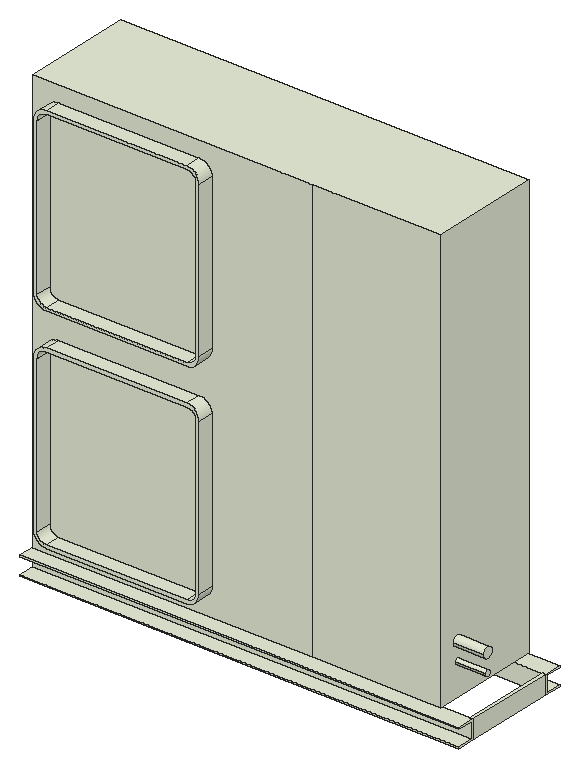
Revit family "Hydrablock 12-14-16", category Attrezzatura meccanica, Revit 2022 (continued)
Automatic sketch dimensions
  curve 10 to curve 44 = 0.000 mm  (x2)
  curve 10 to curve 45 = 0.000 mm  (x2)
  curve 10 to curve 46 = 0.000 mm  (x2)
  curve 10 to curve 47 = 0.000 mm  (x2)
  curve 10 to curve 48 = 0.000 mm  (x2)
  curve 10 to curve 49 = 0.000 mm  (x2)
  curve 10 to curve 50 = 0.000 mm  (x2)
  curve 10 to curve 51 = 0.000 mm  (x2)
  curve 10 to curve 52 = 0.000 mm  (x2)
  curve 10 to curve 53 = 0.000 mm  (x2)
  curve 10 to curve 54 = 0.000 mm  (x2)
  curve 10 to curve 55 = 0.000 mm  (x2)
  curve 10 to curve 56 = 0.000 mm  (x2)
  curve 10 to curve 57 = 0.000 mm  (x2)
  curve 10 to curve 58 = 0.000 mm  (x2)
  curve 10 to curve 59 = 0.000 mm  (x2)
  curve 10 to curve 60 = 0.000 mm  (x2)
  curve 10 to curve 61 = 0.000 mm  (x2)
  curve 10 to curve 62 = 0.000 mm  (x2)
  curve 10 to curve 63 = 0.000 mm  (x2)
  curve 10 to curve 64 = 0.000 mm  (x2)
  curve 10 to curve 65 = 0.000 mm  (x2)
  curve 10 to curve 66 = 0.000 mm  (x2)
  curve 10 to curve 67 = 0.000 mm  (x2)
  curve 10 to curve 68 = 0.000 mm  (x2)
  curve 11 to curve 12 = 0.000 mm  (x2)
  curve 11 to curve 13 = 0.000 mm  (x2)
  curve 11 to curve 14 = 0.000 mm  (x2)
  curve 11 to curve 15 = 0.000 mm  (x2)
  curve 11 to curve 16 = 0.000 mm  (x2)
  curve 11 to curve 17 = 0.000 mm  (x2)
  curve 11 to curve 18 = 0.000 mm  (x2)
  curve 11 to curve 19 = 0.000 mm  (x2)
  curve 11 to curve 20 = 0.000 mm  (x2)
  curve 11 to curve 22 = 0.000 mm  (x2)
  curve 11 to curve 23 = 0.000 mm  (x2)
  curve 11 to curve 24 = 0.000 mm  (x2)
  curve 11 to curve 25 = 0.000 mm  (x2)
  curve 11 to curve 26 = 0.000 mm  (x2)
  curve 11 to curve 27 = 0.000 mm  (x2)
  curve 11 to curve 28 = 0.000 mm  (x2)
  curve 11 to curve 33 = 0.000 mm  (x2)
  curve 11 to curve 34 = 0.000 mm  (x2)
  curve 11 to curve 35 = 0.000 mm  (x2)
  curve 11 to curve 36 = 0.000 mm  (x2)
  curve 11 to curve 38 = 0.000 mm  (x2)
  curve 11 to curve 39 = 0.000 mm  (x2)
  curve 11 to curve 40 = 0.000 mm  (x2)
  curve 11 to curve 41 = 0.000 mm  (x2)
  curve 11 to curve 42 = 0.000 mm  (x2)
  curve 11 to curve 43 = 0.000 mm  (x2)
  curve 11 to curve 44 = 0.000 mm  (x2)
  curve 11 to curve 45 = 0.000 mm  (x2)
  curve 11 to curve 46 = 0.000 mm  (x2)
  curve 11 to curve 47 = 0.000 mm  (x2)
  curve 11 to curve 48 = 0.000 mm  (x2)
  curve 11 to curve 49 = 0.000 mm  (x2)
  curve 11 to curve 50 = 0.000 mm  (x2)
  curve 11 to curve 51 = 0.000 mm  (x2)
  curve 11 to curve 52 = 0.000 mm  (x2)
  curve 11 to curve 53 = 0.000 mm  (x2)
  curve 11 to curve 54 = 0.000 mm  (x2)
  curve 11 to curve 55 = 0.000 mm  (x2)
  curve 11 to curve 56 = 0.000 mm  (x2)
  curve 11 to curve 57 = 0.000 mm  (x2)
  curve 11 to curve 58 = 0.000 mm  (x2)
  curve 11 to curve 59 = 0.000 mm  (x2)
  curve 11 to curve 60 = 0.000 mm  (x2)
  curve 11 to curve 61 = 0.000 mm  (x2)
  curve 11 to curve 62 = 0.000 mm  (x2)
  curve 11 to curve 63 = 0.000 mm  (x2)
  curve 11 to curve 64 = 0.000 mm  (x2)
  curve 11 to curve 65 = 0.000 mm  (x2)
  curve 11 to curve 66 = 0.000 mm  (x2)
  curve 11 to curve 67 = 0.000 mm  (x2)
  curve 11 to curve 68 = 0.000 mm  (x2)
  curve 12 to curve 13 = 0.000 mm  (x2)
  curve 12 to curve 14 = 0.000 mm  (x2)
  curve 12 to curve 15 = 0.000 mm  (x2)
  curve 12 to curve 16 = 0.000 mm  (x2)
  curve 12 to curve 17 = 0.000 mm  (x2)
  curve 12 to curve 18 = 0.000 mm  (x2)
  curve 12 to curve 19 = 0.000 mm  (x2)
  curve 12 to curve 20 = 0.000 mm  (x2)
  curve 12 to curve 22 = 0.000 mm  (x2)
  curve 12 to curve 23 = 0.000 mm  (x2)
  curve 12 to curve 24 = 0.000 mm  (x2)
  curve 12 to curve 25 = 0.000 mm  (x2)
  curve 12 to curve 26 = 0.000 mm  (x2)
  curve 12 to curve 27 = 0.000 mm  (x2)
  curve 12 to curve 28 = 0.000 mm  (x2)
  curve 12 to curve 33 = 0.000 mm  (x2)
  curve 12 to curve 34 = 0.000 mm  (x2)
  curve 12 to curve 35 = 0.000 mm  (x2)
  curve 12 to curve 36 = 0.000 mm  (x2)
  curve 12 to curve 38 = 0.000 mm  (x2)
  curve 12 to curve 39 = 0.000 mm  (x2)
  curve 12 to curve 40 = 0.000 mm  (x2)
  curve 12 to curve 41 = 0.000 mm  (x2)
  curve 12 to curve 42 = 0.000 mm  (x2)
  curve 12 to curve 43 = 0.000 mm  (x2)
  curve 12 to curve 44 = 0.000 mm  (x2)
  curve 12 to curve 45 = 0.000 mm  (x2)
  curve 12 to curve 46 = 0.000 mm  (x2)
  curve 12 to curve 47 = 0.000 mm  (x2)
  curve 12 to curve 48 = 0.000 mm  (x2)
  curve 12 to curve 49 = 0.000 mm  (x2)
  curve 12 to curve 50 = 0.000 mm  (x2)
  curve 12 to curve 51 = 0.000 mm  (x2)
  curve 12 to curve 52 = 0.000 mm  (x2)
  curve 12 to curve 53 = 0.000 mm  (x2)
  curve 12 to curve 54 = 0.000 mm  (x2)
  curve 12 to curve 55 = 0.000 mm  (x2)
  curve 12 to curve 56 = 0.000 mm  (x2)
  curve 12 to curve 57 = 0.000 mm  (x2)
  curve 12 to curve 58 = 0.000 mm  (x2)
  curve 12 to curve 59 = 0.000 mm  (x2)
  curve 12 to curve 60 = 0.000 mm  (x2)
  curve 12 to curve 61 = 0.000 mm  (x2)
  curve 12 to curve 62 = 0.000 mm  (x2)
  curve 12 to curve 63 = 0.000 mm  (x2)
  curve 12 to curve 64 = 0.000 mm  (x2)
  curve 12 to curve 65 = 0.000 mm  (x2)
  curve 12 to curve 66 = 0.000 mm  (x2)
  curve 12 to curve 67 = 0.000 mm  (x2)
  curve 12 to curve 68 = 0.000 mm  (x2)
  curve 13 to curve 14 = 0.000 mm  (x2)
  curve 13 to curve 15 = 0.000 mm  (x2)
  curve 13 to curve 16 = 0.000 mm  (x2)
  curve 13 to curve 17 = 0.000 mm  (x2)
  curve 13 to curve 18 = 0.000 mm  (x2)
  curve 13 to curve 19 = 0.000 mm  (x2)
  curve 13 to curve 20 = 0.000 mm  (x2)
  curve 13 to curve 22 = 0.000 mm  (x2)
  curve 13 to curve 23 = 0.000 mm  (x2)
  curve 13 to curve 24 = 0.000 mm  (x2)
  curve 13 to curve 25 = 0.000 mm  (x2)
  curve 13 to curve 26 = 0.000 mm  (x2)
  curve 13 to curve 27 = 0.000 mm  (x2)
  curve 13 to curve 28 = 0.000 mm  (x2)
  curve 13 to curve 33 = 0.000 mm  (x2)
  curve 13 to curve 34 = 0.000 mm  (x2)
  curve 13 to curve 35 = 0.000 mm  (x2)
  curve 13 to curve 36 = 0.000 mm  (x2)
  curve 13 to curve 38 = 0.000 mm  (x2)
  curve 13 to curve 39 = 0.000 mm  (x2)
  curve 13 to curve 40 = 0.000 mm  (x2)
  curve 13 to curve 41 = 0.000 mm  (x2)
  curve 13 to curve 42 = 0.000 mm  (x2)
  curve 13 to curve 43 = 0.000 mm  (x2)
  curve 13 to curve 44 = 0.000 mm  (x2)
  curve 13 to curve 45 = 0.000 mm  (x2)
  curve 13 to curve 46 = 0.000 mm  (x2)
  curve 13 to curve 47 = 0.000 mm  (x2)
  curve 13 to curve 48 = 0.000 mm  (x2)
  curve 13 to curve 49 = 0.000 mm  (x2)
  curve 13 to curve 50 = 0.000 mm  (x2)
  curve 13 to curve 51 = 0.000 mm  (x2)
  curve 13 to curve 52 = 0.000 mm  (x2)
  curve 13 to curve 53 = 0.000 mm  (x2)
  curve 13 to curve 54 = 0.000 mm  (x2)
  curve 13 to curve 55 = 0.000 mm  (x2)
  curve 13 to curve 56 = 0.000 mm  (x2)
  curve 13 to curve 57 = 0.000 mm  (x2)
  curve 13 to curve 58 = 0.000 mm  (x2)
  curve 13 to curve 59 = 0.000 mm  (x2)
  curve 13 to curve 60 = 0.000 mm  (x2)
  curve 13 to curve 61 = 0.000 mm  (x2)
  curve 13 to curve 62 = 0.000 mm  (x2)
  curve 13 to curve 63 = 0.000 mm  (x2)
  curve 13 to curve 64 = 0.000 mm  (x2)
  curve 13 to curve 65 = 0.000 mm  (x2)
  curve 13 to curve 66 = 0.000 mm  (x2)
  curve 13 to curve 67 = 0.000 mm  (x2)
  curve 13 to curve 68 = 0.000 mm  (x2)
  curve 14 to curve 15 = 0.000 mm  (x2)
  curve 14 to curve 16 = 0.000 mm  (x2)
  curve 14 to curve 17 = 0.000 mm  (x2)
  curve 14 to curve 18 = 0.000 mm  (x2)
  curve 14 to curve 19 = 0.000 mm  (x2)
  curve 14 to curve 20 = 0.000 mm  (x2)
  curve 14 to curve 22 = 0.000 mm  (x2)
  curve 14 to curve 23 = 0.000 mm  (x2)
  curve 14 to curve 24 = 0.000 mm  (x2)
  curve 14 to curve 25 = 0.000 mm  (x2)
  curve 14 to curve 26 = 0.000 mm  (x2)
  curve 14 to curve 27 = 0.000 mm  (x2)
  curve 14 to curve 28 = 0.000 mm  (x2)
  curve 14 to curve 33 = 0.000 mm  (x2)
  curve 14 to curve 34 = 0.000 mm  (x2)
  curve 14 to curve 35 = 0.000 mm  (x2)
  curve 14 to curve 36 = 0.000 mm  (x2)
  curve 14 to curve 38 = 0.000 mm  (x2)
  curve 14 to curve 39 = 0.000 mm  (x2)
  curve 14 to curve 40 = 0.000 mm  (x2)
  curve 14 to curve 41 = 0.000 mm  (x2)
  curve 14 to curve 42 = 0.000 mm  (x2)
  curve 14 to curve 43 = 0.000 mm  (x2)
  curve 14 to curve 44 = 0.000 mm  (x2)
  curve 14 to curve 45 = 0.000 mm  (x2)
  curve 14 to curve 46 = 0.000 mm  (x2)
  curve 14 to curve 47 = 0.000 mm  (x2)
  curve 14 to curve 48 = 0.000 mm  (x2)
  curve 14 to curve 49 = 0.000 mm  (x2)
  curve 14 to curve 50 = 0.000 mm  (x2)
  curve 14 to curve 51 = 0.000 mm  (x2)
  curve 14 to curve 52 = 0.000 mm  (x2)
  curve 14 to curve 53 = 0.000 mm  (x2)
  curve 14 to curve 54 = 0.000 mm  (x2)
  curve 14 to curve 55 = 0.000 mm  (x2)
  curve 14 to curve 56 = 0.000 mm  (x2)
  curve 14 to curve 57 = 0.000 mm  (x2)
  curve 14 to curve 58 = 0.000 mm  (x2)
  curve 14 to curve 59 = 0.000 mm  (x2)
  curve 14 to curve 60 = 0.000 mm  (x2)
  curve 14 to curve 61 = 0.000 mm  (x2)
  curve 14 to curve 62 = 0.000 mm  (x2)
  curve 14 to curve 63 = 0.000 mm  (x2)
  curve 14 to curve 64 = 0.000 mm  (x2)
  curve 14 to curve 65 = 0.000 mm  (x2)
  curve 14 to curve 66 = 0.000 mm  (x2)
  curve 14 to curve 67 = 0.000 mm  (x2)
  curve 14 to curve 68 = 0.000 mm  (x2)
  curve 15 to curve 16 = 0.000 mm  (x2)
  curve 15 to curve 17 = 0.000 mm  (x2)
  curve 15 to curve 18 = 0.000 mm  (x2)
  curve 15 to curve 19 = 0.000 mm  (x2)
  curve 15 to curve 20 = 0.000 mm  (x2)
  curve 15 to curve 22 = 0.000 mm  (x2)
  curve 15 to curve 23 = 0.000 mm  (x2)
  curve 15 to curve 24 = 0.000 mm  (x2)
  curve 15 to curve 25 = 0.000 mm  (x2)
  curve 15 to curve 26 = 0.000 mm  (x2)
  curve 15 to curve 27 = 0.000 mm  (x2)
  curve 15 to curve 28 = 0.000 mm  (x2)
  curve 15 to curve 33 = 0.000 mm  (x2)
  curve 15 to curve 34 = 0.000 mm  (x2)
  curve 15 to curve 35 = 0.000 mm  (x2)
  curve 15 to curve 36 = 0.000 mm  (x2)
  curve 15 to curve 38 = 0.000 mm  (x2)
  curve 15 to curve 39 = 0.000 mm  (x2)
  curve 15 to curve 40 = 0.000 mm  (x2)
  curve 15 to curve 41 = 0.000 mm  (x2)
  curve 15 to curve 42 = 0.000 mm  (x2)
  curve 15 to curve 43 = 0.000 mm  (x2)
  curve 15 to curve 44 = 0.000 mm  (x2)
  curve 15 to curve 45 = 0.000 mm  (x2)
  curve 15 to curve 46 = 0.000 mm  (x2)
  curve 15 to curve 47 = 0.000 mm  (x2)
  curve 15 to curve 48 = 0.000 mm  (x2)
  curve 15 to curve 49 = 0.000 mm  (x2)
  curve 15 to curve 50 = 0.000 mm  (x2)
  curve 15 to curve 51 = 0.000 mm  (x2)
  curve 15 to curve 52 = 0.000 mm  (x2)
  curve 15 to curve 53 = 0.000 mm  (x2)
  curve 15 to curve 54 = 0.000 mm  (x2)
  curve 15 to curve 55 = 0.000 mm  (x2)
  curve 15 to curve 56 = 0.000 mm  (x2)
  curve 15 to curve 57 = 0.000 mm  (x2)
  curve 15 to curve 58 = 0.000 mm  (x2)
  curve 15 to curve 59 = 0.000 mm  (x2)
  curve 15 to curve 60 = 0.000 mm  (x2)
  curve 15 to curve 61 = 0.000 mm  (x2)
  curve 15 to curve 62 = 0.000 mm  (x2)
  curve 15 to curve 63 = 0.000 mm  (x2)
  curve 15 to curve 64 = 0.000 mm  (x2)
  curve 15 to curve 65 = 0.000 mm  (x2)
  curve 15 to curve 66 = 0.000 mm  (x2)
  curve 15 to curve 67 = 0.000 mm  (x2)
  curve 15 to curve 68 = 0.000 mm  (x2)
  curve 16 to curve 17 = 0.000 mm  (x2)
  curve 16 to curve 18 = 0.000 mm  (x2)
  curve 16 to curve 19 = 0.000 mm  (x2)
  curve 16 to curve 20 = 0.000 mm  (x2)
  curve 16 to curve 22 = 0.000 mm  (x2)
  curve 16 to curve 23 = 0.000 mm  (x2)
  curve 16 to curve 24 = 0.000 mm  (x2)
  curve 16 to curve 25 = 0.000 mm  (x2)
  curve 16 to curve 26 = 0.000 mm  (x2)
  curve 16 to curve 27 = 0.000 mm  (x2)
  curve 16 to curve 28 = 0.000 mm  (x2)
  curve 16 to curve 33 = 0.000 mm  (x2)
  curve 16 to curve 34 = 0.000 mm  (x2)
  curve 16 to curve 35 = 0.000 mm  (x2)
  curve 16 to curve 36 = 0.000 mm  (x2)
  curve 16 to curve 38 = 0.000 mm  (x2)
  curve 16 to curve 39 = 0.000 mm  (x2)
  curve 16 to curve 40 = 0.000 mm  (x2)
  curve 16 to curve 41 = 0.000 mm  (x2)
  curve 16 to curve 42 = 0.000 mm  (x2)
  curve 16 to curve 43 = 0.000 mm  (x2)
  curve 16 to curve 44 = 0.000 mm  (x2)
  curve 16 to curve 45 = 0.000 mm  (x2)
  curve 16 to curve 46 = 0.000 mm  (x2)
  curve 16 to curve 47 = 0.000 mm  (x2)
  curve 16 to curve 48 = 0.000 mm  (x2)
  curve 16 to curve 49 = 0.000 mm  (x2)
  curve 16 to curve 50 = 0.000 mm  (x2)
  curve 16 to curve 51 = 0.000 mm  (x2)
  curve 16 to curve 52 = 0.000 mm  (x2)
  curve 16 to curve 53 = 0.000 mm  (x2)
  curve 16 to curve 54 = 0.000 mm  (x2)
  curve 16 to curve 55 = 0.000 mm  (x2)
  curve 16 to curve 56 = 0.000 mm  (x2)
  curve 16 to curve 57 = 0.000 mm  (x2)
  curve 16 to curve 58 = 0.000 mm  (x2)
  curve 16 to curve 59 = 0.000 mm  (x2)
  curve 16 to curve 60 = 0.000 mm  (x2)
  curve 16 to curve 61 = 0.000 mm  (x2)
  curve 16 to curve 62 = 0.000 mm  (x2)
  curve 16 to curve 63 = 0.000 mm  (x2)
  curve 16 to curve 64 = 0.000 mm  (x2)
  curve 16 to curve 65 = 0.000 mm  (x2)
  curve 16 to curve 66 = 0.000 mm  (x2)
  curve 16 to curve 67 = 0.000 mm  (x2)
  curve 16 to curve 68 = 0.000 mm  (x2)
  curve 17 to curve 18 = 0.000 mm  (x2)
  curve 17 to curve 19 = 0.000 mm  (x2)
  curve 17 to curve 20 = 0.000 mm  (x2)
  curve 17 to curve 22 = 0.000 mm  (x2)
  curve 17 to curve 23 = 0.000 mm  (x2)
  curve 17 to curve 24 = 0.000 mm  (x2)
  curve 17 to curve 25 = 0.000 mm  (x2)
  curve 17 to curve 26 = 0.000 mm  (x2)
  curve 17 to curve 27 = 0.000 mm  (x2)
  curve 17 to curve 28 = 0.000 mm  (x2)
  curve 17 to curve 33 = 0.000 mm  (x2)
  curve 17 to curve 34 = 0.000 mm  (x2)
  curve 17 to curve 35 = 0.000 mm  (x2)
  curve 17 to curve 36 = 0.000 mm  (x2)
  curve 17 to curve 38 = 0.000 mm  (x2)
  curve 17 to curve 39 = 0.000 mm  (x2)
  curve 17 to curve 40 = 0.000 mm  (x2)
  curve 17 to curve 41 = 0.000 mm  (x2)
  curve 17 to curve 42 = 0.000 mm  (x2)
  curve 17 to curve 43 = 0.000 mm  (x2)
  curve 17 to curve 44 = 0.000 mm  (x2)
  curve 17 to curve 45 = 0.000 mm  (x2)
  curve 17 to curve 46 = 0.000 mm  (x2)
  curve 17 to curve 47 = 0.000 mm  (x2)
  curve 17 to curve 48 = 0.000 mm  (x2)
  curve 17 to curve 49 = 0.000 mm  (x2)
  curve 17 to curve 50 = 0.000 mm  (x2)
  curve 17 to curve 51 = 0.000 mm  (x2)
  curve 17 to curve 52 = 0.000 mm  (x2)
  curve 17 to curve 53 = 0.000 mm  (x2)
  curve 17 to curve 54 = 0.000 mm  (x2)
  curve 17 to curve 55 = 0.000 mm  (x2)
  curve 17 to curve 56 = 0.000 mm  (x2)
  curve 17 to curve 57 = 0.000 mm  (x2)
  curve 17 to curve 58 = 0.000 mm  (x2)
  curve 17 to curve 59 = 0.000 mm  (x2)
  curve 17 to curve 60 = 0.000 mm  (x2)
  curve 17 to curve 61 = 0.000 mm  (x2)
  curve 17 to curve 62 = 0.000 mm  (x2)
  curve 17 to curve 63 = 0.000 mm  (x2)
  curve 17 to curve 64 = 0.000 mm  (x2)
  curve 17 to curve 65 = 0.000 mm  (x2)
  curve 17 to curve 66 = 0.000 mm  (x2)
  curve 17 to curve 67 = 0.000 mm  (x2)
  curve 17 to curve 68 = 0.000 mm  (x2)
  curve 18 to curve 19 = 0.000 mm  (x2)
  curve 18 to curve 20 = 0.000 mm  (x2)
  curve 18 to curve 22 = 0.000 mm  (x2)
  curve 18 to curve 23 = 0.000 mm  (x2)
  curve 18 to curve 24 = 0.000 mm  (x2)
  curve 18 to curve 25 = 0.000 mm  (x2)
  curve 18 to curve 26 = 0.000 mm  (x2)
  curve 18 to curve 27 = 0.000 mm  (x2)
  curve 18 to curve 28 = 0.000 mm  (x2)
  curve 18 to curve 33 = 0.000 mm  (x2)
  curve 18 to curve 34 = 0.000 mm  (x2)
  curve 18 to curve 35 = 0.000 mm  (x2)
  curve 18 to curve 36 = 0.000 mm  (x2)
  curve 18 to curve 38 = 0.000 mm  (x2)
  curve 18 to curve 39 = 0.000 mm  (x2)
  curve 18 to curve 40 = 0.000 mm  (x2)
  curve 18 to curve 41 = 0.000 mm  (x2)
  curve 18 to curve 42 = 0.000 mm  (x2)
  curve 18 to curve 43 = 0.000 mm  (x2)
  curve 18 to curve 44 = 0.000 mm  (x2)
  curve 18 to curve 45 = 0.000 mm  (x2)
  curve 18 to curve 46 = 0.000 mm  (x2)
  curve 18 to curve 47 = 0.000 mm  (x2)
  curve 18 to curve 48 = 0.000 mm  (x2)
  curve 18 to curve 49 = 0.000 mm  (x2)
  curve 18 to curve 50 = 0.000 mm  (x2)
  curve 18 to curve 51 = 0.000 mm  (x2)
  curve 18 to curve 52 = 0.000 mm  (x2)
  curve 18 to curve 53 = 0.000 mm  (x2)
  curve 18 to curve 54 = 0.000 mm  (x2)
  curve 18 to curve 55 = 0.000 mm  (x2)
  curve 18 to curve 56 = 0.000 mm  (x2)
  curve 18 to curve 57 = 0.000 mm  (x2)
  curve 18 to curve 58 = 0.000 mm  (x2)
  curve 18 to curve 59 = 0.000 mm  (x2)
  curve 18 to curve 60 = 0.000 mm  (x2)
  curve 18 to curve 61 = 0.000 mm  (x2)
  curve 18 to curve 62 = 0.000 mm  (x2)
  curve 18 to curve 63 = 0.000 mm  (x2)
  curve 18 to curve 64 = 0.000 mm  (x2)
  curve 18 to curve 65 = 0.000 mm  (x2)
  curve 18 to curve 66 = 0.000 mm  (x2)
  curve 18 to curve 67 = 0.000 mm  (x2)
  curve 18 to curve 68 = 0.000 mm  (x2)
  curve 19 to curve 20 = 0.000 mm  (x2)
  curve 19 to curve 22 = 0.000 mm  (x2)
  curve 19 to curve 23 = 0.000 mm  (x2)
  curve 19 to curve 24 = 0.000 mm  (x2)
  curve 19 to curve 25 = 0.000 mm  (x2)
  curve 19 to curve 26 = 0.000 mm  (x2)
  curve 19 to curve 27 = 0.000 mm  (x2)
  curve 19 to curve 28 = 0.000 mm  (x2)
  curve 19 to curve 33 = 0.000 mm  (x2)
  curve 19 to curve 34 = 0.000 mm  (x2)
  curve 19 to curve 35 = 0.000 mm  (x2)
  curve 19 to curve 36 = 0.000 mm  (x2)
  curve 19 to curve 38 = 0.000 mm  (x2)
  curve 19 to curve 39 = 0.000 mm  (x2)
  curve 19 to curve 40 = 0.000 mm  (x2)
  curve 19 to curve 41 = 0.000 mm  (x2)
  curve 19 to curve 42 = 0.000 mm  (x2)
  curve 19 to curve 43 = 0.000 mm  (x2)
  curve 19 to curve 44 = 0.000 mm  (x2)
  curve 19 to curve 45 = 0.000 mm  (x2)
  curve 19 to curve 46 = 0.000 mm  (x2)
  curve 19 to curve 47 = 0.000 mm  (x2)
  curve 19 to curve 48 = 0.000 mm  (x2)
  curve 19 to curve 49 = 0.000 mm  (x2)
  curve 19 to curve 50 = 0.000 mm  (x2)
  curve 19 to curve 51 = 0.000 mm  (x2)
  curve 19 to curve 52 = 0.000 mm  (x2)
  curve 19 to curve 53 = 0.000 mm  (x2)
  curve 19 to curve 54 = 0.000 mm  (x2)
  curve 19 to curve 55 = 0.000 mm  (x2)
  curve 19 to curve 56 = 0.000 mm  (x2)
  curve 19 to curve 57 = 0.000 mm  (x2)
  curve 19 to curve 58 = 0.000 mm  (x2)
  curve 19 to curve 59 = 0.000 mm  (x2)
  curve 19 to curve 60 = 0.000 mm  (x2)
  curve 19 to curve 61 = 0.000 mm  (x2)
  curve 19 to curve 62 = 0.000 mm  (x2)
  curve 19 to curve 63 = 0.000 mm  (x2)
  curve 19 to curve 64 = 0.000 mm  (x2)
  curve 19 to curve 65 = 0.000 mm  (x2)
  curve 19 to curve 66 = 0.000 mm  (x2)
  curve 19 to curve 67 = 0.000 mm  (x2)
  curve 19 to curve 68 = 0.000 mm  (x2)
  curve 20 to curve 22 = 0.000 mm  (x2)
  curve 20 to curve 23 = 0.000 mm  (x2)
  curve 20 to curve 24 = 0.000 mm  (x2)
  curve 20 to curve 25 = 0.000 mm  (x2)
  curve 20 to curve 26 = 0.000 mm  (x2)
  curve 20 to curve 27 = 0.000 mm  (x2)
  curve 20 to curve 28 = 0.000 mm  (x2)
  curve 20 to curve 33 = 0.000 mm  (x2)
  curve 20 to curve 34 = 0.000 mm  (x2)
  curve 20 to curve 35 = 0.000 mm  (x2)
  curve 20 to curve 36 = 0.000 mm  (x2)
  curve 20 to curve 38 = 0.000 mm  (x2)
  curve 20 to curve 39 = 0.000 mm  (x2)
  curve 20 to curve 40 = 0.000 mm  (x2)
  curve 20 to curve 41 = 0.000 mm  (x2)
  curve 20 to curve 42 = 0.000 mm  (x2)
  curve 20 to curve 43 = 0.000 mm  (x2)
  curve 20 to curve 44 = 0.000 mm  (x2)
  curve 20 to curve 45 = 0.000 mm  (x2)
  curve 20 to curve 46 = 0.000 mm  (x2)
  curve 20 to curve 47 = 0.000 mm  (x2)
  curve 20 to curve 48 = 0.000 mm  (x2)
  curve 20 to curve 49 = 0.000 mm  (x2)
  curve 20 to curve 50 = 0.000 mm  (x2)
  curve 20 to curve 51 = 0.000 mm  (x2)
  curve 20 to curve 52 = 0.000 mm  (x2)
  curve 20 to curve 53 = 0.000 mm  (x2)
  curve 20 to curve 54 = 0.000 mm  (x2)
  curve 20 to curve 55 = 0.000 mm  (x2)
  curve 20 to curve 56 = 0.000 mm  (x2)
  curve 20 to curve 57 = 0.000 mm  (x2)
  curve 20 to curve 58 = 0.000 mm  (x2)
  curve 20 to curve 59 = 0.000 mm  (x2)
  curve 20 to curve 60 = 0.000 mm  (x2)
  curve 20 to curve 61 = 0.000 mm  (x2)
  curve 20 to curve 62 = 0.000 mm  (x2)
  curve 20 to curve 63 = 0.000 mm  (x2)
  curve 20 to curve 64 = 0.000 mm  (x2)
  curve 20 to curve 65 = 0.000 mm  (x2)
  curve 20 to curve 66 = 0.000 mm  (x2)
  curve 20 to curve 67 = 0.000 mm  (x2)
  curve 20 to curve 68 = 0.000 mm  (x2)
  curve 21 to curve 37 = 0.000 mm  (x2)
  curve 22 to curve 23 = 0.000 mm  (x2)
  curve 22 to curve 24 = 0.000 mm  (x2)
  curve 22 to curve 25 = 0.000 mm  (x2)
  curve 22 to curve 26 = 0.000 mm  (x2)
  curve 22 to curve 27 = 0.000 mm  (x2)
  curve 22 to curve 28 = 0.000 mm  (x2)
  curve 22 to curve 33 = 0.000 mm  (x2)
  curve 22 to curve 34 = 0.000 mm  (x2)
  curve 22 to curve 35 = 0.000 mm  (x2)
  curve 22 to curve 36 = 0.000 mm  (x2)
  curve 22 to curve 38 = 0.000 mm  (x2)
  curve 22 to curve 39 = 0.000 mm  (x2)
  curve 22 to curve 40 = 0.000 mm  (x2)
  curve 22 to curve 41 = 0.000 mm  (x2)
  curve 22 to curve 42 = 0.000 mm  (x2)
  curve 22 to curve 43 = 0.000 mm  (x2)
  curve 22 to curve 44 = 0.000 mm  (x2)
  curve 22 to curve 45 = 0.000 mm  (x2)
  curve 22 to curve 46 = 0.000 mm  (x2)
  curve 22 to curve 47 = 0.000 mm  (x2)
  curve 22 to curve 48 = 0.000 mm  (x2)
  curve 22 to curve 49 = 0.000 mm  (x2)
  curve 22 to curve 50 = 0.000 mm  (x2)
  curve 22 to curve 51 = 0.000 mm  (x2)
  curve 22 to curve 52 = 0.000 mm  (x2)
  curve 22 to curve 53 = 0.000 mm  (x2)
  curve 22 to curve 54 = 0.000 mm  (x2)
  curve 22 to curve 55 = 0.000 mm  (x2)
  curve 22 to curve 56 = 0.000 mm  (x2)
  curve 22 to curve 57 = 0.000 mm  (x2)
  curve 22 to curve 58 = 0.000 mm  (x2)
  curve 22 to curve 59 = 0.000 mm  (x2)
  curve 22 to curve 60 = 0.000 mm  (x2)
  curve 22 to curve 61 = 0.000 mm  (x2)
  curve 22 to curve 62 = 0.000 mm  (x2)
  curve 22 to curve 63 = 0.000 mm  (x2)
  curve 22 to curve 64 = 0.000 mm  (x2)
  curve 22 to curve 65 = 0.000 mm  (x2)
  curve 22 to curve 66 = 0.000 mm  (x2)
  curve 22 to curve 67 = 0.000 mm  (x2)
  curve 22 to curve 68 = 0.000 mm  (x2)
  curve 23 to curve 24 = 0.000 mm  (x2)
  curve 23 to curve 25 = 0.000 mm  (x2)
  curve 23 to curve 26 = 0.000 mm  (x2)
  curve 23 to curve 27 = 0.000 mm  (x2)
  curve 23 to curve 28 = 0.000 mm  (x2)
  curve 23 to curve 33 = 0.000 mm  (x2)
  curve 23 to curve 34 = 0.000 mm  (x2)
  curve 23 to curve 35 = 0.000 mm  (x2)
  curve 23 to curve 36 = 0.000 mm  (x2)
  curve 23 to curve 38 = 0.000 mm  (x2)
  curve 23 to curve 39 = 0.000 mm  (x2)
  curve 23 to curve 40 = 0.000 mm  (x2)
  curve 23 to curve 41 = 0.000 mm  (x2)
  curve 23 to curve 42 = 0.000 mm  (x2)
  curve 23 to curve 43 = 0.000 mm  (x2)
  curve 23 to curve 44 = 0.000 mm  (x2)
  curve 23 to curve 45 = 0.000 mm  (x2)
  curve 23 to curve 46 = 0.000 mm  (x2)
  curve 23 to curve 47 = 0.000 mm  (x2)
  curve 23 to curve 48 = 0.000 mm  (x2)
  curve 23 to curve 49 = 0.000 mm  (x2)
  curve 23 to curve 50 = 0.000 mm  (x2)
  curve 23 to curve 51 = 0.000 mm  (x2)
  curve 23 to curve 52 = 0.000 mm  (x2)
  curve 23 to curve 53 = 0.000 mm  (x2)
  curve 23 to curve 54 = 0.000 mm  (x2)
  curve 23 to curve 55 = 0.000 mm  (x2)
  curve 23 to curve 56 = 0.000 mm  (x2)
  curve 23 to curve 57 = 0.000 mm  (x2)
  curve 23 to curve 58 = 0.000 mm  (x2)
  curve 23 to curve 59 = 0.000 mm  (x2)
  curve 23 to curve 60 = 0.000 mm  (x2)
  curve 23 to curve 61 = 0.000 mm  (x2)
  curve 23 to curve 62 = 0.000 mm  (x2)
  curve 23 to curve 63 = 0.000 mm  (x2)
  curve 23 to curve 64 = 0.000 mm  (x2)
  curve 23 to curve 65 = 0.000 mm  (x2)
  curve 23 to curve 66 = 0.000 mm  (x2)
  curve 23 to curve 67 = 0.000 mm  (x2)
  curve 23 to curve 68 = 0.000 mm  (x2)
  curve 24 to curve 25 = 0.000 mm  (x2)
  curve 24 to curve 26 = 0.000 mm  (x2)
  curve 24 to curve 27 = 0.000 mm  (x2)
  curve 24 to curve 28 = 0.000 mm  (x2)
  curve 24 to curve 33 = 0.000 mm  (x2)
  curve 24 to curve 34 = 0.000 mm  (x2)
  curve 24 to curve 35 = 0.000 mm  (x2)
  curve 24 to curve 36 = 0.000 mm  (x2)
  curve 24 to curve 38 = 0.000 mm  (x2)
  curve 24 to curve 39 = 0.000 mm  (x2)
  curve 24 to curve 40 = 0.000 mm  (x2)
  curve 24 to curve 41 = 0.000 mm  (x2)
  curve 24 to curve 42 = 0.000 mm  (x2)
  curve 24 to curve 43 = 0.000 mm  (x2)
  curve 24 to curve 44 = 0.000 mm  (x2)
  curve 24 to curve 45 = 0.000 mm  (x2)
  curve 24 to curve 46 = 0.000 mm  (x2)
  curve 24 to curve 47 = 0.000 mm  (x2)
  curve 24 to curve 48 = 0.000 mm  (x2)
  curve 24 to curve 49 = 0.000 mm  (x2)
  curve 24 to curve 50 = 0.000 mm  (x2)
  curve 24 to curve 51 = 0.000 mm  (x2)
  curve 24 to curve 52 = 0.000 mm  (x2)
  curve 24 to curve 53 = 0.000 mm  (x2)
  curve 24 to curve 54 = 0.000 mm  (x2)
  curve 24 to curve 55 = 0.000 mm  (x2)
  curve 24 to curve 56 = 0.000 mm  (x2)
  curve 24 to curve 57 = 0.000 mm  (x2)
  curve 24 to curve 58 = 0.000 mm  (x2)
  curve 24 to curve 59 = 0.000 mm  (x2)
  curve 24 to curve 60 = 0.000 mm  (x2)
  curve 24 to curve 61 = 0.000 mm  (x2)
  curve 24 to curve 62 = 0.000 mm  (x2)
  curve 24 to curve 63 = 0.000 mm  (x2)
  curve 24 to curve 64 = 0.000 mm  (x2)
  curve 24 to curve 65 = 0.000 mm  (x2)
  curve 24 to curve 66 = 0.000 mm  (x2)
  curve 24 to curve 67 = 0.000 mm  (x2)
  curve 24 to curve 68 = 0.000 mm  (x2)
  curve 25 to curve 26 = 0.000 mm  (x2)
  curve 25 to curve 27 = 0.000 mm  (x2)
  curve 25 to curve 28 = 0.000 mm  (x2)
  curve 25 to curve 33 = 0.000 mm  (x2)
  curve 25 to curve 34 = 0.000 mm  (x2)
  curve 25 to curve 35 = 0.000 mm  (x2)
  curve 25 to curve 36 = 0.000 mm  (x2)
  curve 25 to curve 38 = 0.000 mm  (x2)
  curve 25 to curve 39 = 0.000 mm  (x2)
  curve 25 to curve 40 = 0.000 mm  (x2)
  curve 25 to curve 41 = 0.000 mm  (x2)
  curve 25 to curve 42 = 0.000 mm  (x2)
  curve 25 to curve 43 = 0.000 mm  (x2)
  curve 25 to curve 44 = 0.000 mm  (x2)
  curve 25 to curve 45 = 0.000 mm  (x2)
  curve 25 to curve 46 = 0.000 mm  (x2)
  curve 25 to curve 47 = 0.000 mm  (x2)
  curve 25 to curve 48 = 0.000 mm  (x2)
  curve 25 to curve 49 = 0.000 mm  (x2)
  curve 25 to curve 50 = 0.000 mm  (x2)
  curve 25 to curve 51 = 0.000 mm  (x2)
  curve 25 to curve 52 = 0.000 mm  (x2)
  curve 25 to curve 53 = 0.000 mm  (x2)
  curve 25 to curve 54 = 0.000 mm  (x2)
  curve 25 to curve 55 = 0.000 mm  (x2)
  curve 25 to curve 56 = 0.000 mm  (x2)
  curve 25 to curve 57 = 0.000 mm  (x2)
  curve 25 to curve 58 = 0.000 mm  (x2)
  curve 25 to curve 59 = 0.000 mm  (x2)
  curve 25 to curve 60 = 0.000 mm  (x2)
  curve 25 to curve 61 = 0.000 mm  (x2)
  curve 25 to curve 62 = 0.000 mm  (x2)
  curve 25 to curve 63 = 0.000 mm  (x2)
  curve 25 to curve 64 = 0.000 mm  (x2)
  curve 25 to curve 65 = 0.000 mm  (x2)
  curve 25 to curve 66 = 0.000 mm  (x2)
  curve 25 to curve 67 = 0.000 mm  (x2)
  curve 25 to curve 68 = 0.000 mm  (x2)
  curve 26 to curve 27 = 0.000 mm  (x2)
  curve 26 to curve 28 = 0.000 mm  (x2)
  curve 26 to curve 33 = 0.000 mm  (x2)
  curve 26 to curve 34 = 0.000 mm  (x2)
  curve 26 to curve 35 = 0.000 mm  (x2)
  curve 26 to curve 36 = 0.000 mm  (x2)
  curve 26 to curve 38 = 0.000 mm  (x2)
  curve 26 to curve 39 = 0.000 mm  (x2)
  curve 26 to curve 40 = 0.000 mm  (x2)
  curve 26 to curve 41 = 0.000 mm  (x2)
  curve 26 to curve 42 = 0.000 mm  (x2)
  curve 26 to curve 43 = 0.000 mm  (x2)
  curve 26 to curve 44 = 0.000 mm  (x2)
  curve 26 to curve 45 = 0.000 mm  (x2)
  curve 26 to curve 46 = 0.000 mm  (x2)
  curve 26 to curve 47 = 0.000 mm  (x2)
  curve 26 to curve 48 = 0.000 mm  (x2)
  curve 26 to curve 49 = 0.000 mm  (x2)
  curve 26 to curve 50 = 0.000 mm  (x2)
  curve 26 to curve 51 = 0.000 mm  (x2)
  curve 26 to curve 52 = 0.000 mm  (x2)
  curve 26 to curve 53 = 0.000 mm  (x2)
  curve 26 to curve 54 = 0.000 mm  (x2)
  curve 26 to curve 55 = 0.000 mm  (x2)
  curve 26 to curve 56 = 0.000 mm  (x2)
  curve 26 to curve 57 = 0.000 mm  (x2)
  curve 26 to curve 58 = 0.000 mm  (x2)
  curve 26 to curve 59 = 0.000 mm  (x2)
  curve 26 to curve 60 = 0.000 mm  (x2)
  curve 26 to curve 61 = 0.000 mm  (x2)
  curve 26 to curve 62 = 0.000 mm  (x2)
  curve 26 to curve 63 = 0.000 mm  (x2)
  curve 26 to curve 64 = 0.000 mm  (x2)
  curve 26 to curve 65 = 0.000 mm  (x2)
  curve 26 to curve 66 = 0.000 mm  (x2)
  curve 26 to curve 67 = 0.000 mm  (x2)
  curve 26 to curve 68 = 0.000 mm  (x2)
  curve 27 to curve 28 = 0.000 mm  (x2)
  curve 27 to curve 33 = 0.000 mm  (x2)
  curve 27 to curve 34 = 0.000 mm  (x2)
  curve 27 to curve 35 = 0.000 mm  (x2)
  curve 27 to curve 36 = 0.000 mm  (x2)
  curve 27 to curve 38 = 0.000 mm  (x2)
  curve 27 to curve 39 = 0.000 mm  (x2)
  curve 27 to curve 40 = 0.000 mm  (x2)
  curve 27 to curve 41 = 0.000 mm  (x2)
  curve 27 to curve 42 = 0.000 mm  (x2)
  curve 27 to curve 43 = 0.000 mm  (x2)
  curve 27 to curve 44 = 0.000 mm  (x2)
  curve 27 to curve 45 = 0.000 mm  (x2)
  curve 27 to curve 46 = 0.000 mm  (x2)
  curve 27 to curve 47 = 0.000 mm  (x2)
  curve 27 to curve 48 = 0.000 mm  (x2)
  curve 27 to curve 49 = 0.000 mm  (x2)
  curve 27 to curve 50 = 0.000 mm  (x2)
  curve 27 to curve 51 = 0.000 mm  (x2)
  curve 27 to curve 52 = 0.000 mm  (x2)
  curve 27 to curve 53 = 0.000 mm  (x2)
  curve 27 to curve 54 = 0.000 mm  (x2)
  curve 27 to curve 55 = 0.000 mm  (x2)
  curve 27 to curve 56 = 0.000 mm  (x2)
  curve 27 to curve 57 = 0.000 mm  (x2)
  curve 27 to curve 58 = 0.000 mm  (x2)
  curve 27 to curve 59 = 0.000 mm  (x2)
  curve 27 to curve 60 = 0.000 mm  (x2)
  curve 27 to curve 61 = 0.000 mm  (x2)
  curve 27 to curve 62 = 0.000 mm  (x2)
  curve 27 to curve 63 = 0.000 mm  (x2)
  curve 27 to curve 64 = 0.000 mm  (x2)
  curve 27 to curve 65 = 0.000 mm  (x2)
  curve 27 to curve 66 = 0.000 mm  (x2)
  curve 27 to curve 67 = 0.000 mm  (x2)
  curve 27 to curve 68 = 0.000 mm  (x2)
  curve 28 to curve 33 = 0.000 mm  (x2)
  curve 28 to curve 34 = 0.000 mm  (x2)
  curve 28 to curve 35 = 0.000 mm  (x2)
  curve 28 to curve 36 = 0.000 mm  (x2)
  curve 28 to curve 38 = 0.000 mm  (x2)
  curve 28 to curve 39 = 0.000 mm  (x2)
  curve 28 to curve 40 = 0.000 mm  (x2)
  curve 28 to curve 41 = 0.000 mm  (x2)
  curve 28 to curve 42 = 0.000 mm  (x2)
  curve 28 to curve 43 = 0.000 mm  (x2)
  curve 28 to curve 44 = 0.000 mm  (x2)
  curve 28 to curve 45 = 0.000 mm  (x2)
  curve 28 to curve 46 = 0.000 mm  (x2)
  curve 28 to curve 47 = 0.000 mm  (x2)
  curve 28 to curve 48 = 0.000 mm  (x2)
  curve 28 to curve 49 = 0.000 mm  (x2)
  curve 28 to curve 50 = 0.000 mm  (x2)
  curve 28 to curve 51 = 0.000 mm  (x2)
  curve 28 to curve 52 = 0.000 mm  (x2)
  curve 28 to curve 53 = 0.000 mm  (x2)
  curve 28 to curve 54 = 0.000 mm  (x2)
  curve 28 to curve 55 = 0.000 mm  (x2)
  curve 28 to curve 56 = 0.000 mm  (x2)
  curve 28 to curve 57 = 0.000 mm  (x2)
  curve 28 to curve 58 = 0.000 mm  (x2)
  curve 28 to curve 59 = 0.000 mm  (x2)
  curve 28 to curve 60 = 0.000 mm  (x2)
  curve 28 to curve 61 = 0.000 mm  (x2)
  curve 28 to curve 62 = 0.000 mm  (x2)
  curve 28 to curve 63 = 0.000 mm  (x2)
  curve 28 to curve 64 = 0.000 mm  (x2)
  curve 28 to curve 65 = 0.000 mm  (x2)
  curve 28 to curve 66 = 0.000 mm  (x2)
  curve 28 to curve 67 = 0.000 mm  (x2)
  curve 28 to curve 68 = 0.000 mm  (x2)
  curve 33 to curve 34 = 0.000 mm  (x2)
  curve 33 to curve 35 = 0.000 mm  (x2)
  curve 33 to curve 36 = 0.000 mm  (x2)
  curve 33 to curve 38 = 0.000 mm  (x2)
  curve 33 to curve 39 = 0.000 mm  (x2)
  curve 33 to curve 40 = 0.000 mm  (x2)
  curve 33 to curve 41 = 0.000 mm  (x2)
  curve 33 to curve 42 = 0.000 mm  (x2)
  curve 33 to curve 43 = 0.000 mm  (x2)
  curve 33 to curve 44 = 0.000 mm  (x2)
  curve 33 to curve 45 = 0.000 mm  (x2)
  curve 33 to curve 46 = 0.000 mm  (x2)
  curve 33 to curve 47 = 0.000 mm  (x2)
  curve 33 to curve 48 = 0.000 mm  (x2)
  curve 33 to curve 49 = 0.000 mm  (x2)
  curve 33 to curve 50 = 0.000 mm  (x2)
  curve 33 to curve 51 = 0.000 mm  (x2)
  curve 33 to curve 52 = 0.000 mm  (x2)
  curve 33 to curve 53 = 0.000 mm  (x2)
  curve 33 to curve 54 = 0.000 mm  (x2)
  curve 33 to curve 55 = 0.000 mm  (x2)
  curve 33 to curve 56 = 0.000 mm  (x2)
  curve 33 to curve 57 = 0.000 mm  (x2)
  curve 33 to curve 58 = 0.000 mm  (x2)
  curve 33 to curve 59 = 0.000 mm  (x2)
  curve 33 to curve 60 = 0.000 mm  (x2)
  curve 33 to curve 61 = 0.000 mm  (x2)
  curve 33 to curve 62 = 0.000 mm  (x2)
  curve 33 to curve 63 = 0.000 mm  (x2)
  curve 33 to curve 64 = 0.000 mm  (x2)
  curve 33 to curve 65 = 0.000 mm  (x2)
  curve 33 to curve 66 = 0.000 mm  (x2)
  curve 33 to curve 67 = 0.000 mm  (x2)
  curve 33 to curve 68 = 0.000 mm  (x2)
  curve 34 to curve 35 = 0.000 mm  (x2)
  curve 34 to curve 36 = 0.000 mm  (x2)
  curve 34 to curve 38 = 0.000 mm  (x2)
  curve 34 to curve 39 = 0.000 mm  (x2)
  curve 34 to curve 40 = 0.000 mm  (x2)
  curve 34 to curve 41 = 0.000 mm  (x2)
  curve 34 to curve 42 = 0.000 mm  (x2)
  curve 34 to curve 43 = 0.000 mm  (x2)
  curve 34 to curve 44 = 0.000 mm  (x2)
  curve 34 to curve 45 = 0.000 mm  (x2)
  curve 34 to curve 46 = 0.000 mm  (x2)
  curve 34 to curve 47 = 0.000 mm  (x2)
  curve 34 to curve 48 = 0.000 mm  (x2)
  curve 34 to curve 49 = 0.000 mm  (x2)
  curve 34 to curve 50 = 0.000 mm  (x2)
  curve 34 to curve 51 = 0.000 mm  (x2)
  curve 34 to curve 52 = 0.000 mm  (x2)
  curve 34 to curve 53 = 0.000 mm  (x2)
  curve 34 to curve 54 = 0.000 mm  (x2)
  curve 34 to curve 55 = 0.000 mm  (x2)
  curve 34 to curve 56 = 0.000 mm  (x2)
  curve 34 to curve 57 = 0.000 mm  (x2)
  curve 34 to curve 58 = 0.000 mm  (x2)
  curve 34 to curve 59 = 0.000 mm  (x2)
  curve 34 to curve 60 = 0.000 mm  (x2)
  curve 34 to curve 61 = 0.000 mm  (x2)
  curve 34 to curve 62 = 0.000 mm  (x2)
  curve 34 to curve 63 = 0.000 mm  (x2)
  curve 34 to curve 64 = 0.000 mm  (x2)
  curve 34 to curve 65 = 0.000 mm  (x2)
  curve 34 to curve 66 = 0.000 mm  (x2)
  curve 34 to curve 67 = 0.000 mm  (x2)
  curve 34 to curve 68 = 0.000 mm  (x2)
  curve 35 to curve 36 = 0.000 mm  (x2)
  curve 35 to curve 38 = 0.000 mm  (x2)
  curve 35 to curve 39 = 0.000 mm  (x2)
  curve 35 to curve 40 = 0.000 mm  (x2)
  curve 35 to curve 41 = 0.000 mm  (x2)
  curve 35 to curve 42 = 0.000 mm  (x2)
  curve 35 to curve 43 = 0.000 mm  (x2)
  curve 35 to curve 44 = 0.000 mm  (x2)
  curve 35 to curve 45 = 0.000 mm  (x2)
  curve 35 to curve 46 = 0.000 mm  (x2)
  curve 35 to curve 47 = 0.000 mm  (x2)
  curve 35 to curve 48 = 0.000 mm  (x2)
  curve 35 to curve 49 = 0.000 mm  (x2)
  curve 35 to curve 50 = 0.000 mm  (x2)
  curve 35 to curve 51 = 0.000 mm  (x2)
  curve 35 to curve 52 = 0.000 mm  (x2)
  curve 35 to curve 53 = 0.000 mm  (x2)
  curve 35 to curve 54 = 0.000 mm  (x2)
  curve 35 to curve 55 = 0.000 mm  (x2)
  curve 35 to curve 56 = 0.000 mm  (x2)
  curve 35 to curve 57 = 0.000 mm  (x2)
  curve 35 to curve 58 = 0.000 mm  (x2)
  curve 35 to curve 59 = 0.000 mm  (x2)
  curve 35 to curve 60 = 0.000 mm  (x2)
  curve 35 to curve 61 = 0.000 mm  (x2)
  curve 35 to curve 62 = 0.000 mm  (x2)
  curve 35 to curve 63 = 0.000 mm  (x2)
  curve 35 to curve 64 = 0.000 mm  (x2)
  curve 35 to curve 65 = 0.000 mm  (x2)
  curve 35 to curve 66 = 0.000 mm  (x2)
  curve 35 to curve 67 = 0.000 mm  (x2)
  curve 35 to curve 68 = 0.000 mm  (x2)
  curve 36 to curve 38 = 0.000 mm  (x2)
  curve 36 to curve 39 = 0.000 mm  (x2)
  curve 36 to curve 40 = 0.000 mm  (x2)
  curve 36 to curve 41 = 0.000 mm  (x2)
  curve 36 to curve 42 = 0.000 mm  (x2)
  curve 36 to curve 43 = 0.000 mm  (x2)
  curve 36 to curve 44 = 0.000 mm  (x2)
  curve 36 to curve 45 = 0.000 mm  (x2)
  curve 36 to curve 46 = 0.000 mm  (x2)
  curve 36 to curve 47 = 0.000 mm  (x2)
  curve 36 to curve 48 = 0.000 mm  (x2)
  curve 36 to curve 49 = 0.000 mm  (x2)
  curve 36 to curve 50 = 0.000 mm  (x2)
  curve 36 to curve 51 = 0.000 mm  (x2)
  curve 36 to curve 52 = 0.000 mm  (x2)
  curve 36 to curve 53 = 0.000 mm  (x2)
  curve 36 to curve 54 = 0.000 mm  (x2)
  curve 36 to curve 55 = 0.000 mm  (x2)
  curve 36 to curve 56 = 0.000 mm  (x2)
  curve 36 to curve 57 = 0.000 mm  (x2)
  curve 36 to curve 58 = 0.000 mm  (x2)
  curve 36 to curve 59 = 0.000 mm  (x2)
  curve 36 to curve 60 = 0.000 mm  (x2)
  curve 36 to curve 61 = 0.000 mm  (x2)
  curve 36 to curve 62 = 0.000 mm  (x2)
  curve 36 to curve 63 = 0.000 mm  (x2)
  curve 36 to curve 64 = 0.000 mm  (x2)
  curve 36 to curve 65 = 0.000 mm  (x2)
  curve 36 to curve 66 = 0.000 mm  (x2)
  curve 36 to curve 67 = 0.000 mm  (x2)
  curve 36 to curve 68 = 0.000 mm  (x2)
  curve 38 to curve 39 = 0.000 mm  (x2)
  curve 38 to curve 40 = 0.000 mm  (x2)
  curve 38 to curve 41 = 0.000 mm  (x2)
  curve 38 to curve 42 = 0.000 mm  (x2)
  curve 38 to curve 43 = 0.000 mm  (x2)
  curve 38 to curve 44 = 0.000 mm  (x2)
  curve 38 to curve 45 = 0.000 mm  (x2)
  curve 38 to curve 46 = 0.000 mm  (x2)
  curve 38 to curve 47 = 0.000 mm  (x2)
  curve 38 to curve 48 = 0.000 mm  (x2)
  curve 38 to curve 49 = 0.000 mm  (x2)
  curve 38 to curve 50 = 0.000 mm  (x2)
  curve 38 to curve 51 = 0.000 mm  (x2)
  curve 38 to curve 52 = 0.000 mm  (x2)
  curve 38 to curve 53 = 0.000 mm  (x2)
  curve 38 to curve 54 = 0.000 mm  (x2)
  curve 38 to curve 55 = 0.000 mm  (x2)
  curve 38 to curve 56 = 0.000 mm  (x2)
  curve 38 to curve 57 = 0.000 mm  (x2)
  curve 38 to curve 58 = 0.000 mm  (x2)
  curve 38 to curve 59 = 0.000 mm  (x2)
  curve 38 to curve 60 = 0.000 mm  (x2)
  curve 38 to curve 61 = 0.000 mm  (x2)
  curve 38 to curve 62 = 0.000 mm  (x2)
  curve 38 to curve 63 = 0.000 mm  (x2)
  curve 38 to curve 64 = 0.000 mm  (x2)
  curve 38 to curve 65 = 0.000 mm  (x2)
  curve 38 to curve 66 = 0.000 mm  (x2)
  curve 38 to curve 67 = 0.000 mm  (x2)
  curve 38 to curve 68 = 0.000 mm  (x2)
  curve 39 to curve 40 = 0.000 mm  (x2)
  curve 39 to curve 41 = 0.000 mm  (x2)
  curve 39 to curve 42 = 0.000 mm  (x2)
  curve 39 to curve 43 = 0.000 mm  (x2)
  curve 39 to curve 44 = 0.000 mm  (x2)
  curve 39 to curve 45 = 0.000 mm  (x2)
  curve 39 to curve 46 = 0.000 mm  (x2)
  curve 39 to curve 47 = 0.000 mm  (x2)
  curve 39 to curve 48 = 0.000 mm  (x2)
  curve 39 to curve 49 = 0.000 mm  (x2)
  curve 39 to curve 50 = 0.000 mm  (x2)
  curve 39 to curve 51 = 0.000 mm  (x2)
  curve 39 to curve 52 = 0.000 mm  (x2)
  curve 39 to curve 53 = 0.000 mm  (x2)
  curve 39 to curve 54 = 0.000 mm  (x2)
  curve 39 to curve 55 = 0.000 mm  (x2)
  curve 39 to curve 56 = 0.000 mm  (x2)
  curve 39 to curve 57 = 0.000 mm  (x2)
  curve 39 to curve 58 = 0.000 mm  (x2)
  curve 39 to curve 59 = 0.000 mm  (x2)
  curve 39 to curve 60 = 0.000 mm  (x2)
  curve 39 to curve 61 = 0.000 mm  (x2)
  curve 39 to curve 62 = 0.000 mm  (x2)
  curve 39 to curve 63 = 0.000 mm  (x2)
  curve 39 to curve 64 = 0.000 mm  (x2)
  curve 39 to curve 65 = 0.000 mm  (x2)
  curve 39 to curve 66 = 0.000 mm  (x2)
  curve 39 to curve 67 = 0.000 mm  (x2)
  curve 39 to curve 68 = 0.000 mm  (x2)
  curve 40 to curve 41 = 0.000 mm  (x2)
  curve 40 to curve 42 = 0.000 mm  (x2)
  curve 40 to curve 43 = 0.000 mm  (x2)
  curve 40 to curve 44 = 0.000 mm  (x2)
  curve 40 to curve 45 = 0.000 mm  (x2)
  curve 40 to curve 46 = 0.000 mm  (x2)
  curve 40 to curve 47 = 0.000 mm  (x2)
  curve 40 to curve 48 = 0.000 mm  (x2)
  curve 40 to curve 49 = 0.000 mm  (x2)
  curve 40 to curve 50 = 0.000 mm  (x2)
  curve 40 to curve 51 = 0.000 mm  (x2)
  curve 40 to curve 52 = 0.000 mm  (x2)
  curve 40 to curve 53 = 0.000 mm  (x2)
  curve 40 to curve 54 = 0.000 mm  (x2)
  curve 40 to curve 55 = 0.000 mm  (x2)
  curve 40 to curve 56 = 0.000 mm  (x2)
  curve 40 to curve 57 = 0.000 mm  (x2)
  curve 40 to curve 58 = 0.000 mm  (x2)
  curve 40 to curve 59 = 0.000 mm  (x2)
  curve 40 to curve 60 = 0.000 mm  (x2)
  curve 40 to curve 61 = 0.000 mm  (x2)
  curve 40 to curve 62 = 0.000 mm  (x2)
  curve 40 to curve 63 = 0.000 mm  (x2)
  curve 40 to curve 64 = 0.000 mm  (x2)
  curve 40 to curve 65 = 0.000 mm  (x2)
  curve 40 to curve 66 = 0.000 mm  (x2)
  curve 40 to curve 67 = 0.000 mm  (x2)
  curve 40 to curve 68 = 0.000 mm  (x2)
  curve 41 to curve 42 = 0.000 mm  (x2)
  curve 41 to curve 43 = 0.000 mm  (x2)
  curve 41 to curve 44 = 0.000 mm  (x2)
  curve 41 to curve 45 = 0.000 mm  (x2)
  curve 41 to curve 46 = 0.000 mm  (x2)
  curve 41 to curve 47 = 0.000 mm  (x2)
  curve 41 to curve 48 = 0.000 mm  (x2)
  curve 41 to curve 49 = 0.000 mm  (x2)
  curve 41 to curve 50 = 0.000 mm  (x2)
  curve 41 to curve 51 = 0.000 mm  (x2)
  curve 41 to curve 52 = 0.000 mm  (x2)
  curve 41 to curve 53 = 0.000 mm  (x2)
  curve 41 to curve 54 = 0.000 mm  (x2)
  curve 41 to curve 55 = 0.000 mm  (x2)
  curve 41 to curve 56 = 0.000 mm  (x2)
  curve 41 to curve 57 = 0.000 mm  (x2)
  curve 41 to curve 58 = 0.000 mm  (x2)
  curve 41 to curve 59 = 0.000 mm  (x2)
  curve 41 to curve 60 = 0.000 mm  (x2)
  curve 41 to curve 61 = 0.000 mm  (x2)
  curve 41 to curve 62 = 0.000 mm  (x2)
  curve 41 to curve 63 = 0.000 mm  (x2)
  curve 41 to curve 64 = 0.000 mm  (x2)
  curve 41 to curve 65 = 0.000 mm  (x2)
  curve 41 to curve 66 = 0.000 mm  (x2)
  curve 41 to curve 67 = 0.000 mm  (x2)
  curve 41 to curve 68 = 0.000 mm  (x2)
  curve 42 to curve 43 = 0.000 mm  (x2)
  curve 42 to curve 44 = 0.000 mm  (x2)
  curve 42 to curve 45 = 0.000 mm  (x2)
  curve 42 to curve 46 = 0.000 mm  (x2)
  curve 42 to curve 47 = 0.000 mm  (x2)
  curve 42 to curve 48 = 0.000 mm  (x2)
  curve 42 to curve 49 = 0.000 mm  (x2)
  curve 42 to curve 50 = 0.000 mm  (x2)
  curve 42 to curve 51 = 0.000 mm  (x2)
  curve 42 to curve 52 = 0.000 mm  (x2)
  curve 42 to curve 53 = 0.000 mm  (x2)
  curve 42 to curve 54 = 0.000 mm  (x2)
  curve 42 to curve 55 = 0.000 mm  (x2)
  curve 42 to curve 56 = 0.000 mm  (x2)
  curve 42 to curve 57 = 0.000 mm  (x2)
  curve 42 to curve 58 = 0.000 mm  (x2)
  curve 42 to curve 59 = 0.000 mm  (x2)
  curve 42 to curve 60 = 0.000 mm  (x2)
  curve 42 to curve 61 = 0.000 mm  (x2)
  curve 42 to curve 62 = 0.000 mm  (x2)
  curve 42 to curve 63 = 0.000 mm  (x2)
  curve 42 to curve 64 = 0.000 mm  (x2)
  curve 42 to curve 65 = 0.000 mm  (x2)
  curve 42 to curve 66 = 0.000 mm  (x2)
  curve 42 to curve 67 = 0.000 mm  (x2)
  curve 42 to curve 68 = 0.000 mm  (x2)
  curve 43 to curve 44 = 0.000 mm  (x2)
  curve 43 to curve 45 = 0.000 mm  (x2)
  curve 43 to curve 46 = 0.000 mm  (x2)
  curve 43 to curve 47 = 0.000 mm  (x2)
  curve 43 to curve 48 = 0.000 mm  (x2)
  curve 43 to curve 49 = 0.000 mm  (x2)
  curve 43 to curve 50 = 0.000 mm  (x2)
  curve 43 to curve 51 = 0.000 mm  (x2)
  curve 43 to curve 52 = 0.000 mm  (x2)
  curve 43 to curve 53 = 0.000 mm  (x2)
  curve 43 to curve 54 = 0.000 mm  (x2)
  curve 43 to curve 55 = 0.000 mm  (x2)
  curve 43 to curve 56 = 0.000 mm  (x2)
  curve 43 to curve 57 = 0.000 mm  (x2)
  curve 43 to curve 58 = 0.000 mm  (x2)
  curve 43 to curve 59 = 0.000 mm  (x2)
  curve 43 to curve 60 = 0.000 mm  (x2)
  curve 43 to curve 61 = 0.000 mm  (x2)
  curve 43 to curve 62 = 0.000 mm  (x2)
  curve 43 to curve 63 = 0.000 mm  (x2)
  curve 43 to curve 64 = 0.000 mm  (x2)
  curve 43 to curve 65 = 0.000 mm  (x2)
  curve 43 to curve 66 = 0.000 mm  (x2)
  curve 43 to curve 67 = 0.000 mm  (x2)
  curve 43 to curve 68 = 0.000 mm  (x2)
  curve 44 to curve 45 = 0.000 mm  (x2)
  curve 44 to curve 46 = 0.000 mm  (x2)
  curve 44 to curve 47 = 0.000 mm  (x2)
  curve 44 to curve 48 = 0.000 mm  (x2)
  curve 44 to curve 49 = 0.000 mm  (x2)
  curve 44 to curve 50 = 0.000 mm  (x2)
  curve 44 to curve 51 = 0.000 mm  (x2)
  curve 44 to curve 52 = 0.000 mm  (x2)
  curve 44 to curve 53 = 0.000 mm  (x2)
  curve 44 to curve 54 = 0.000 mm  (x2)
  curve 44 to curve 55 = 0.000 mm  (x2)
  curve 44 to curve 56 = 0.000 mm  (x2)
  curve 44 to curve 57 = 0.000 mm  (x2)
  curve 44 to curve 58 = 0.000 mm  (x2)
  curve 44 to curve 59 = 0.000 mm  (x2)
  curve 44 to curve 60 = 0.000 mm  (x2)
  curve 44 to curve 61 = 0.000 mm  (x2)
  curve 44 to curve 62 = 0.000 mm  (x2)
  curve 44 to curve 63 = 0.000 mm  (x2)
  curve 44 to curve 64 = 0.000 mm  (x2)
  curve 44 to curve 65 = 0.000 mm  (x2)
  curve 44 to curve 66 = 0.000 mm  (x2)
  curve 44 to curve 67 = 0.000 mm  (x2)
  curve 44 to curve 68 = 0.000 mm  (x2)
  curve 45 to curve 46 = 0.000 mm  (x2)
  curve 45 to curve 47 = 0.000 mm  (x2)
  curve 45 to curve 48 = 0.000 mm  (x2)
  curve 45 to curve 49 = 0.000 mm  (x2)
  curve 45 to curve 50 = 0.000 mm  (x2)
  curve 45 to curve 51 = 0.000 mm  (x2)
  curve 45 to curve 52 = 0.000 mm  (x2)
  curve 45 to curve 53 = 0.000 mm  (x2)
  curve 45 to curve 54 = 0.000 mm  (x2)
  curve 45 to curve 55 = 0.000 mm  (x2)
  curve 45 to curve 56 = 0.000 mm  (x2)
  curve 45 to curve 57 = 0.000 mm  (x2)
  curve 45 to curve 58 = 0.000 mm  (x2)
  curve 45 to curve 59 = 0.000 mm  (x2)
  curve 45 to curve 60 = 0.000 mm  (x2)
  curve 45 to curve 61 = 0.000 mm  (x2)
  curve 45 to curve 62 = 0.000 mm  (x2)
  curve 45 to curve 63 = 0.000 mm  (x2)
  curve 45 to curve 64 = 0.000 mm  (x2)
  curve 45 to curve 65 = 0.000 mm  (x2)
  curve 45 to curve 66 = 0.000 mm  (x2)
  curve 45 to curve 67 = 0.000 mm  (x2)
  curve 45 to curve 68 = 0.000 mm  (x2)
  curve 46 to curve 47 = 0.000 mm  (x2)
  curve 46 to curve 48 = 0.000 mm  (x2)
  curve 46 to curve 49 = 0.000 mm  (x2)
  curve 46 to curve 50 = 0.000 mm  (x2)
  curve 46 to curve 51 = 0.000 mm  (x2)
  curve 46 to curve 52 = 0.000 mm  (x2)
  curve 46 to curve 53 = 0.000 mm  (x2)
  curve 46 to curve 54 = 0.000 mm  (x2)
  curve 46 to curve 55 = 0.000 mm  (x2)
  curve 46 to curve 56 = 0.000 mm  (x2)
  curve 46 to curve 57 = 0.000 mm  (x2)
  curve 46 to curve 58 = 0.000 mm  (x2)
  curve 46 to curve 59 = 0.000 mm  (x2)
  curve 46 to curve 60 = 0.000 mm  (x2)
  curve 46 to curve 61 = 0.000 mm  (x2)
  curve 46 to curve 62 = 0.000 mm  (x2)
  curve 46 to curve 63 = 0.000 mm  (x2)
  curve 46 to curve 64 = 0.000 mm  (x2)
  curve 46 to curve 65 = 0.000 mm  (x2)
  curve 46 to curve 66 = 0.000 mm  (x2)
  curve 46 to curve 67 = 0.000 mm  (x2)
  curve 46 to curve 68 = 0.000 mm  (x2)
  curve 47 to curve 48 = 0.000 mm  (x2)
  curve 47 to curve 49 = 0.000 mm  (x2)
  curve 47 to curve 50 = 0.000 mm  (x2)
  curve 47 to curve 51 = 0.000 mm  (x2)
  curve 47 to curve 52 = 0.000 mm  (x2)
  curve 47 to curve 53 = 0.000 mm  (x2)
  curve 47 to curve 54 = 0.000 mm  (x2)
  curve 47 to curve 55 = 0.000 mm  (x2)
  curve 47 to curve 56 = 0.000 mm  (x2)
  curve 47 to curve 57 = 0.000 mm  (x2)
  curve 47 to curve 58 = 0.000 mm  (x2)
  curve 47 to curve 59 = 0.000 mm  (x2)
  curve 47 to curve 60 = 0.000 mm  (x2)
  curve 47 to curve 61 = 0.000 mm  (x2)
  curve 47 to curve 62 = 0.000 mm  (x2)
  curve 47 to curve 63 = 0.000 mm  (x2)
  curve 47 to curve 64 = 0.000 mm  (x2)
  curve 47 to curve 65 = 0.000 mm  (x2)
  curve 47 to curve 66 = 0.000 mm  (x2)
  curve 47 to curve 67 = 0.000 mm  (x2)
  curve 47 to curve 68 = 0.000 mm  (x2)
  curve 48 to curve 49 = 0.000 mm  (x2)
  curve 48 to curve 50 = 0.000 mm  (x2)
  curve 48 to curve 51 = 0.000 mm  (x2)
  curve 48 to curve 52 = 0.000 mm  (x2)
  curve 48 to curve 53 = 0.000 mm  (x2)
  curve 48 to curve 54 = 0.000 mm  (x2)
  curve 48 to curve 55 = 0.000 mm  (x2)
  curve 48 to curve 56 = 0.000 mm  (x2)
  curve 48 to curve 57 = 0.000 mm  (x2)
  curve 48 to curve 58 = 0.000 mm  (x2)
  curve 48 to curve 59 = 0.000 mm  (x2)
  curve 48 to curve 60 = 0.000 mm  (x2)
  curve 48 to curve 61 = 0.000 mm  (x2)
  curve 48 to curve 62 = 0.000 mm  (x2)
  curve 48 to curve 63 = 0.000 mm  (x2)
  curve 48 to curve 64 = 0.000 mm  (x2)
  curve 48 to curve 65 = 0.000 mm  (x2)
  curve 48 to curve 66 = 0.000 mm  (x2)
